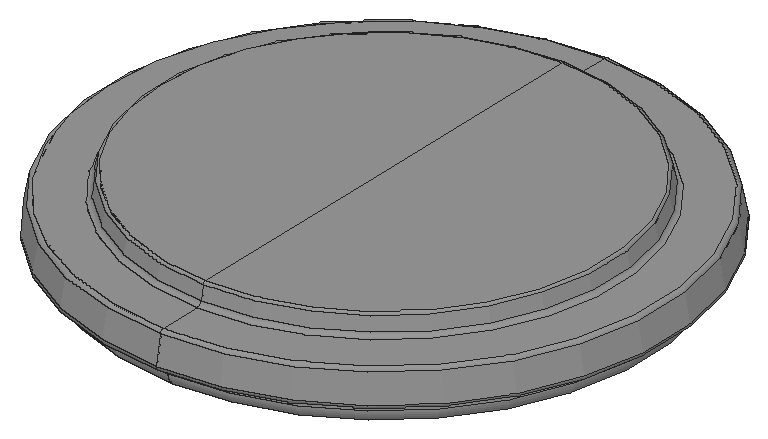
Revit family "FMK12_63_UN_Surface-mounted_ETK", category Lighting Fixtures, Revit 2017 (continued)
Definition of nested family "FMK.1 - Lightsource"
  Types (13, lengths in mm): name | Wattage Comments | Photometric Web File | built-in parameter 1150142 | Apparent Load
      25.7813\t106.5085\r\n88.2355\t70.5452\t54.1615\t7.8573\t0\t0\r\n604.9325\t604.7176\t603.7796\t601.7596\t599.0029\t595.4393\t591.2503\t586.1635\t580.3285\t573.8209\r\n566.5729\t558.4662\t549.5574\t539.959\t529.6359\t518.622\t506.8968\t494.5226\t481.3277\t467.6546\r\n453.3728\t438.6295\t423.5379\t407.4691\t390.6461\t373.1217\t355.4348\t337.4507\t319.172\t300.5231\r\n281.7847\t262.9024\t244.0497\t224.0008\t203.7622\t183.799\t164.2428\t144.9022\t125.7293\t107.5918\r\n88.8514\t71.1298\t54.4435\t38.5694\t0\t0\r\n604.9325\t604.7494\t603.8591\t602.1349\t599.1772\t595.6368\t591.4608\t586.3802\t580.5395\t573.9061\r\n566.6576\t558.7326\t549.8582\t540.3013\t530.0523\t519.0994\t507.4605\t495.1326\t482.1254\t468.5441\r\n454.2405\t439.307\t423.9316\t408.0499\t391.4158\t374.6547\t357.1749\t339.1212\t320.3753\t301.4552\r\n282.4058\t263.17\t243.6782\t224.3313\t205.2234\t185.5059\t165.095\t145.3835\t126.4193\t107.5003\r\n89.5871\t71.6948\t54.518\t36.9883\t0\t0\r\n604.9325\t604.7798\t603.933\t602.2606\t599.5824\t595.8575\t591.7058\t586.6435\t580.8116\t574.1898\r\n566.9202\t558.8521\t549.9829\t540.4445\t530.3688\t519.4493\t507.8531\t495.5801\t482.6631\t469.1248\r\n454.9178\t440.2534\t424.928\t409.1933\t392.26\t375.0811\t357.6797\t339.8697\t321.5662\t303.0997\r\n284.0796\t264.4382\t244.6256\t224.8094\t205.0348\t185.2383\t165.9856\t147.0073\t127.0858\t107.9981\r\n89.7259\t72.2025\t55.0032\t33.0733\t2.9733\t0\r\n604.9325\t604.8087\t604.0009\t602.3737\t599.7493\t596.298\t592.2\t587.1644\t581.1454\t574.5515\r\n567.2809\t559.2119\t550.3447\t540.7829\t530.5511\t519.5979\t508.0056\t495.7365\t482.8831\t469.4721\r\n455.32\t440.7056\t425.4497\t409.8313\t392.9182\t375.989\t358.654\t340.8931\t322.57\t303.9496\r\n284.9419\t265.4893\t245.963\t226.2227\t206.5172\t186.1591\t166.2968\t146.6662\t127.4699\t108.8866\r\n90.4763\t72.3236\t55.4787\t29.4388\t16.9564\t0\r\n604.9325\t604.8361\t604.0626\t602.4735\t599.8962\t596.4937\t592.4457\t587.4678\t581.7164\t575.1773\r\n567.9349\t559.8858\t551.0519\t541.472\t531.0513\t520.0748\t508.4733\t496.1692\t483.3366\t469.7223\r\n455.551\t440.858\t425.587\t409.8699\t393.2087\t376.3423\t359.0181\t341.2638\t323.0544\t304.5645\r\n285.6675\t266.4002\t246.9483\t227.2771\t207.4642\t187.5942\t167.7977\t148.0403\t128.3798\t109.277\r\n90.5235\t72.6235\t56.3199\t28.8061\t14.3084\t0\r\n604.9325\t604.8617\t604.1182\t602.5602\t600.0226\t596.6587\t592.6458\t587.7121\t581.9995\t575.508\r\n568.2964\t560.2824\t551.501\t541.9643\t531.743\t520.7781\t509.1995\t496.8891\t484.1302\t470.4742\r\n456.3108\t441.5572\t426.2844\t410.4684\t394.0507\t377.1843\t359.8341\t342\t323.7882\t305.1042\r\n286.137\t266.7921\t247.3055\t227.5948\t207.825\t187.6657\t167.8486\t148.2204\t128.7693\t109.6958\r\n91.0828\t73.0008\t55.7332\t28.5158\t9.2535\t5.8306\r\n604.9325\t604.8858\t604.1675\t602.6336\t600.1283\t596.7932\t592.7994\t587.8971\t582.2037\t575.7372\r\n568.5319\t560.5294\t551.7717\t542.2778\t531.8858\t520.932\t509.3938\t497.098\t484.3744\t470.7813\r\n456.6695\t441.9743\t426.7397\t410.9949\t394.281\t377.6255\t360.349\t342.6082\t324.4077\t305.9467\r\n287.057\t267.8093\t248.3563\t228.6492\t208.8539\t188.9518\t169.1246\t149.344\t129.7127\t110.5106\r\n91.7654\t73.7774\t57.5617\t24.3495\t13.0724\t0\r\n604.9325\t604.9084\t604.2102\t602.6933\t600.2132\t596.897\t592.9066\t588.0227\t582.1208\t575.6725\r\n568.4733\t560.4987\t551.7845\t542.3932\t532.2197\t521.3168\t509.8504\t497.6049\t484.9598\t471.5946\r\n457.5683\t442.9406\t427.7495\t412.0765\t395.0762\t378.5872\t361.3233\t343.5924\t325.3398\t306.7643\r\n287.7814\t268.4081\t248.9004\t229.0701\t209.3799\t189.1876\t169.2491\t149.5934\t130.3692\t111.7187\r\n93.1623\t74.832\t56.0552\t30.1574\t17.757\t0\r\n604.9325\t604.9291\t604.2466\t602.7396\t600.277\t596.7549\t592.7641\t587.9288\t582.2718\t575.869\r\n568.7055\t560.782\t552.1376\t542.8605\t532.8647\t522.03\t510.6246\t498.4005\t485.7799\t472.303\r\n458.2807\t443.627\t428.3966\t412.6847\t395.7487\t379.043\t361.726\t344.0152\t325.8533\t307.4149\r\n288.4358\t268.8734\t249.1853\t229.375\t209.698\t190.0696\t170.6999\t151.6406\t131.5559\t112.2365\r\n93.7694\t75.9803\t57.7978\t36.3903\t3.3572\t0\r\n604.9325\t604.9482\t604.2766\t602.7724\t600.1026\t596.8317\t592.8688\t588.0895\t582.4821\t576.1402\r\n569.0311\t561.2923\t552.7151\t543.5197\t533.3842\t522.5693\t511.1655\t498.9339\t486.2842\t472.7688\r\n458.7265\t443.8734\t428.6057\t412.8898\t396.4891\t379.9651\t362.5484\t344.6873\t326.0862\t307.3448\r\n288.413\t269.2614\t249.8982\t230.6041\t211.5997\t191.9184\t171.4046\t151.5305\t132.3891\t113.1712\r\n95.0695\t77.0752\t59.9131\t42.0633\t0\t0\r\n604.9325\t604.9657\t604.2998\t602.5548\t600.1553\t596.9302\t593.0054\t588.2927\t582.7506\t576.6036\r\n569.5235\t561.6924\t553.1393\t543.9534\t533.8105\t523.0168\t511.5622\t499.366\t486.4926\t472.912\r\n459.0179\t444.3755\t429.4063\t413.6832\t397.1754\t379.8273\t362.3066\t344.5457\t326.4347\t308.0495\r\n289.4402\t270.7576\t251.9841\t231.9745\t211.6746\t191.7028\t172.0756\t152.6103\t133.1779\t114.8662\r\n95.9878\t78.1761\t61.1735\t45.795\t0\t0\r\n604.9325\t604.9814\t604.3167\t602.5756\t600.2201\t597.0494\t593.1734\t588.5362\t583.1793\t576.9316\r\n569.8621\t562.0891\t553.565\t544.2694\t534.1347\t523.3515\t511.7317\t499.6292\t486.9379\t473.6955\r\n459.8412\t444.9777\t429.3063\t413.3894\t396.8997\t380.0432\t362.8271\t345.3781\t327.6307\t309.5314\r\n291.5164\t271.8122\t251.8804\t231.996\t212.4087\t192.9384\t172.9802\t153.4783\t134.9195\t115.44\r\n97.1203\t79.0755\t62.4054\t9.3896\t0\t0\r\n604.9325\t604.9956\t604.3272\t602.6031\t600.2962\t597.1889\t593.3721\t588.9141\t583.4623\t577.2196\r\n570.1627\t562.4154\t553.8858\t544.5341\t534.2984\t523.5728\t512.1948\t500.5208\t487.6946\t473.958\r\n459.5435\t444.6901\t429.4465\t413.7537\t397.3341\t380.8483\t363.9506\t346.8691\t329.6427\t310.5199\r\n291.273\t271.8245\t252.461\t233.1913\t213.8417\t193.4848\t174.0151\t155.267\t135.3556\t116.4813\r\n97.8216\t80.1325\t63.6547\t0\t0\t0\r\n604.9325\t605.0081\t604.1035\t602.6372\t600.3825\t597.3475\t593.707\t589.127\t583.7094\t577.482\r\n570.4302\t562.6996\t554.1438\t544.6663\t534.7057\t524.3891\t513.0044\t500.7896\t487.3524\t473.6975\r\n459.518\t445.0085\t429.9797\t414.6206\t398.4095\t382.2407\t365.9518\t348.2711\t329.3178\t310.5274\r\n291.5796\t272.7277\t253.9408\t234.0297\t214.0457\t194.5929\t175.6982\t155.4975\t136.2802\t117.3421\r\n98.7646\t81.3279\t72.1805\t0\t0\t0\r\n604.9325\t605.019\t604.1119\t602.6779\t600.4786\t597.6426\t593.9105\t589.3438\t583.9467\t577.7191\r\n570.6656\t562.8212\t554.3085\t545.0755\t535.5347\t524.721\t513.0291\t500.3333\t487.3226\t473.9116\r\n459.8662\t445.6658\t430.8177\t415.8479\t400.1212\t383.9482\t365.8834\t347.7302\t329.562\t311.2079\r\n292.7026\t274.2517\t254.2433\t234.5137\t215.2238\t196.2482\t175.8172\t156.3581\t137.1786\t118.0156\r\n99.7925\t82.5063\t18.8432\t0\t0\t0\r\n604.9325\t605.0283\t604.1218\t602.7247\t600.583\t597.8102\t594.1046\t589.5447\t584.1685\t577.9335\r\n570.7476\t563.1054\t554.7514\t545.9018\t535.7763\t524.3683\t512.6077\t500.3662\t487.5755\t474.3762\r\n460.5654\t446.5906\t432.1211\t417.8057\t401.602\t383.3793\t365.8497\t348.1423\t330.3051\t312.4086\r\n294.1318\t274.1954\t254.8095\t235.669\t216.8273\t196.3608\t176.5926\t157.4869\t137.7906\t118.858\r\n100.818\t83.5993\t0\t0\t0\t0\r\n604.9325\t605.0361\t604.1334\t602.7774\t600.7864\t597.9704\t594.2876\t589.7308\t584.3744\t578.1281\r\n571.0018\t563.4848\t555.5833\t546.1282\t535.3695\t524.2805\t512.6836\t500.6473\t488.0744\t475.1119\r\n461.6374\t447.8475\t434.0262\t417.6448\t400.9644\t383.6448\t366.3432\t349.0233\t331.7904\t313.5353\r\n294.0128\t274.8492\t255.877\t237.208\t216.8648\t197.0235\t177.7961\t157.8749\t138.4358\t119.7504\r\n101.8852\t92.4739\t0\t0\t0\t0\r\n604.9325\t605.0425\t604.1466\t602.848\t600.8972\t598.1214\t594.4589\t589.9031\t584.5647\t578.2256\r\n571.3187\t564.2473\t555.8092\t545.7075\t535.2392\t524.3842\t512.9437\t501.1112\t488.7997\t476.1064\r\n463.0374\t449.343\t433.5399\t417.2783\t400.9627\t384.2803\t367.2588\t350.5131\t332.268\t313.3683\r\n294.6133\t275.9463\t257.4891\t237.3023\t217.356\t197.9306\t178.3323\t158.4724\t139.2137\t120.6822\r\n102.8483\t57.3578\t0\t0\t0\t0\r\n604.9325\t605.0474\t604.1608\t602.9137\t601.0014\t598.264\t594.6171\t590.063\t584.6305\t578.4959\r\n572.0294\t564.4703\t555.3483\t545.5818\t535.2777\t524.6268\t513.4049\t501.7638\t489.7543\t477.3344\r\n464.4028\t448.8923\t433.3396\t417.5334\t401.4281\t385.097\t368.9335\t350.8398\t332.2947\t313.863\r\n295.5771\t277.519\t257.6565\t237.7254\t218.1962\t199.0534\t178.7354\t159.0786\t140.0851\t121.6497\r\n103.8155\t0\t0\t0\t0\t0\r\n604.9325\t605.051\t604.176\t602.9834\t601.0992\t598.3979\t594.7648\t590.2104\t584.8219\t578.8225\r\n572.3363\t564.4139\t555.1729\t545.6088\t535.5075\t525.0194\t514.047\t502.6184\t490.9152\t478.6035\r\n463.8731\t448.8367\t433.4799\t418.0245\t402.1397\t386.5322\t369.0536\t350.9647\t332.8257\t314.7378\r\n297.0853\t277.7551\t257.9227\t238.481\t219.5016\t199.2458\t179.2974\t159.8236\t140.9368\t122.5844\r\n114.5266\t0\t0\t0\t0\t0\r\n604.9325\t604.8195\t604.1772\t603.163\t601.191\t598.5255\t594.895\t590.2198\t585.0512\t579.5204\r\n572.4719\t563.9005\t555.1175\t545.7701\t535.8495\t525.5278\t514.821\t503.6348\t492.264\t478.147\r\n463.7272\t448.9998\t433.9643\t418.7961\t403.6464\t387.1038\t369.0804\t351.3617\t333.5972\t315.9873\r\n297.742\t277.8849\t258.5245\t239.3997\t219.9055\t199.7153\t179.9419\t160.6418\t141.8696\t123.5432\r\n87.3022\t0\t0\t0\t0\t0\r\n604.9325\t604.8214\t604.1941\t603.235\t601.2774\t598.653\t595.016\t590.3749\t585.3173\t579.7601\r\n572.4333\t563.7933\t555.2071\t545.9861\t536.2842\t526.1054\t515.7411\t505.1648\t491.8617\t477.9997\r\n463.7712\t449.4027\t434.6692\t419.8185\t404.4636\t386.7505\t369.4002\t352.0054\t334.6783\t317.1876\r\n297.6146\t278.2823\t259.2507\t240.5064\t220.1321\t200.1444\t180.6201\t161.5081\t142.8095\t124.5313\r\n13.8642\t0\t0\t0\t0\t0\r\n604.9325\t604.8236\t604.2119\t603.3019\t601.3588\t598.7555\t595.1265\t590.5663\t585.9635\t579.8593\r\n571.9911\t563.7863\t555.3307\t546.2508\t536.8328\t526.9331\t517.2336\t505.4984\t491.6135\t478.0339\r\n464.0981\t449.9708\t435.6618\t421.0393\t404.0675\t387.0188\t369.9272\t352.9161\t336.0984\t317.049\r\n297.8658\t278.9167\t260.1671\t240.5732\t220.4028\t200.641\t181.2542\t162.264\t143.6971\t138.9319\r\n0\t0\t0\t0\t0\t0\r\n604.9325\t604.8263\t604.2307\t603.3631\t601.4313\t598.8452\t595.1065\t590.8151\t586.1914\t579.822\r\n571.9271\t563.8539\t555.4675\t546.661\t537.4583\t527.8618\t517.6741\t504.7744\t491.6731\t478.2434\r\n464.6017\t450.7338\t436.9828\t420.7421\t404.1424\t387.4658\t370.696\t354.016\t336.1698\t317.1983\r\n298.3815\t279.7143\t261.0886\t240.6791\t220.7372\t201.1309\t181.8626\t163.0016\t144.4475\t122.5815\r\n0\t0\t0\t0\t0\t0\r\n604.9325\t604.8296\t604.2504\t603.4181\t601.5048\t598.9231\t595.2406\t591.0574\t586.306\t579.3415\r\n571.9105\t564.0096\t555.7297\t547.2433\t538.1409\t529.1692\t517.1897\t504.6634\t491.8013\t478.5756\r\n465.2881\t452.0592\t437.3133\t420.7778\t404.3743\t388.0399\t371.6653\t355.0642\t336.1889\t317.5424\r\n298.9986\t280.8707\t261.0621\t240.914\t221.1175\t201.6401\t182.4991\t163.6658\t145.1424\t84.3257\r\n0\t0\t0\t0\t0\t0\r\n604.9325\t604.8332\t604.2709\t603.4669\t601.5763\t598.9896\t595.3813\t591.6653\t586.3048\t579.2256\r\n571.9268\t564.2159\t556.1016\t547.8041\t538.8916\t529.4947\t517.0631\t504.6077\t491.9608\t479.1972\r\n466.0487\t452.7796\t436.8262\t420.8991\t404.8605\t388.7535\t372.9693\t354.883\t336.3385\t317.986\r\n299.7762\t281.4547\t261.1226\t241.2359\t221.6059\t202.209\t183.1578\t164.3804\t145.8553\t11.7624\r\n0\t0\t0\t0\t0\t0\r\n604.9325\t604.8742\t604.2921\t603.4941\t601.6459\t599.0296\t595.534\t591.8113\t586.2424\t579.1327\r\n571.9926\t564.4765\t556.5369\t548.3248\t540.2008\t528.8722\t517.0076\t504.7376\t492.349\t479.714\r\n467.3129\t452.606\t436.9139\t421.1267\t405.4395\t389.6556\t373.4059\t354.9124\t336.7214\t318.5644\r\n300.8615\t281.2211\t261.3039\t241.5416\t222.049\t202.8204\t183.8329\t165.0665\t157.8062\t0\r\n0\t0\t0\t0\t0\t0\r\n604.9325\t604.8778\t604.3138\t603.5305\t601.7141\t599.0846\t595.6937\t591.9235\t585.8046\t579.085\r\n572.1029\t564.7578\t557.0364\t548.9977\t540.5541\t528.6643\t516.9564\t505.0054\t492.8264\t480.4248\r\n467.8389\t452.4841\t437.2894\t421.6733\t406.0593\t390.8949\t373.0813\t355.0514\t337.1284\t319.303\r\n301.3591\t281.2466\t261.4669\t241.8581\t222.5305\t203.3664\t184.4454\t165.7848\t137.4772\t0\r\n0\t0\t0\t0\t0\t0\r\n604.9325\t604.8809\t604.3362\t603.5621\t601.7811\t599.0352\t595.8464\t591.9852\t585.7061\t579.0857\r\n572.2264\t565.0563\t557.5744\t550.165\t540.3995\t528.673\t517.0206\t505.3604\t493.3723\t481.6559\r\n467.3623\t452.552\t437.5387\t422.5383\t407.0626\t391.1192\t373.1518\t355.3501\t337.6537\t320.3056\r\n301.165\t281.3401\t261.6688\t242.21\t222.9713\t203.9042\t185.0535\t166.4117\t103.1682\t0\r\n0\t0\t0\t0\t0\t0\r\n604.9325\t604.8836\t604.359\t603.5893\t601.8694\t599.1105\t596.0133\t592.0398\t585.6138\t579.1319\r\n572.3514\t565.3855\t558.1204\t550.6032\t539.7275\t528.6462\t517.2427\t505.6569\t494.0788\t482.057\r\n467.3569\t452.5819\t437.9086\t423.1364\t408.6546\t391.0243\t373.2044\t355.7272\t338.2397\t320.9029\r\n301.111\t281.4142\t261.9364\t242.5968\t223.431\t204.436\t185.6287\t167.0034\t27.572\t0\r\n0\t0\t0\t0\t0\t0\r\n604.9325\t604.8855\t604.4761\t603.6117\t601.9217\t599.2035\t596.533\t591.9864\t585.5043\t579.2184\r\n572.5425\t565.734\t558.6618\t550.7546\t539.5884\t528.6359\t517.5185\t506.1812\t495.04\t482.1849\r\n467.305\t452.8559\t438.287\t423.7604\t408.9102\t391.2459\t373.6942\t356.1472\t338.8603\t321.0491\r\n301.0713\t281.5636\t262.175\t242.9288\t223.8638\t204.9514\t186.2113\t182.0587\t1.1881\t0\r\n0\t0\t0\t0\t0\t0\r\n604.9325\t604.8867\t604.5028\t603.6293\t601.9638\t599.2994\t596.645\t591.5011\t585.4756\t579.3018\r\n572.8016\t566.036\t559.6409\t550.1491\t539.5084\t528.714\t517.8046\t506.6744\t495.6339\t481.5654\r\n467.4352\t453.0708\t438.8115\t424.8445\t408.3959\t391.1553\t373.9573\t356.7332\t339.7814\t320.6058\r\n301.0831\t281.6948\t262.4118\t243.275\t224.2954\t205.4324\t186.6954\t167.9441\t0\t0\r\n0\t0\t0\t0\t0\t0\r\n604.9325\t604.887\t604.5236\t603.6425\t601.9959\t599.3986\t596.7257\t591.3548\t585.5182\t579.363\r\n573.0573\t566.424\t559.9176\t549.9196\t539.5158\t528.8377\t518.1153\t507.2742\t495.7579\t481.5916\r\n467.4632\t453.474\t439.2698\t425.2443\t408.263\t391.2061\t374.1569\t357.1614\t340.0716\t320.4624\r\n301.0867\t281.8107\t262.6444\t243.5924\t224.6723\t205.8572\t187.1718\t144.9784\t0\t0\r\n0\t0\t0\t0\t0\t0\r\n604.9325\t604.8865\t604.5428\t603.6338\t602.0103\t599.4978\t596.7763\t591.2522\t585.5281\t579.4668\r\n573.3066\t566.9192\t559.9588\t549.7513\t539.4872\t529.0692\t518.4253\t508.1923\t495.3851\t481.5092\r\n467.7242\t453.7447\t439.9175\t425.2779\t408.1339\t391.3024\t374.4758\t357.6287\t340.0586\t320.3781\r\n301.1083\t281.913\t262.8388\t243.8776\t225.0242\t206.2552\t187.5981\t115.0009\t0\t0\r\n0\t0\t0\t0\t0\t0\r\n604.9325\t604.885\t604.5606\t603.645\t602.0264\t599.5935\t596.8163\t591.1682\t585.5125\t579.6428\r\n573.535\t567.325\t560.0188\t549.5766\t539.5151\t529.2436\t518.8689\t508.4588\t495.2237\t481.6326\r\n467.8736\t454.23\t440.7564\t424.7799\t408.1443\t391.3969\t374.7627\t358.4102\t339.5867\t320.3059\r\n301.1296\t282.0313\t263.0322\t244.1182\t225.3098\t206.5909\t208.5256\t41.0682\t0\t0\r\n0\t0\t0\t0\t0\t0\r\n604.9325\t604.8822\t604.5765\t603.6541\t602.0366\t599.6814\t596.7991\t591.1051\t585.5226\t579.7912\r\n573.7965\t568.1624\t559.4207\t549.5037\t539.5662\t529.4615\t519.2377\t508.6864\t495.0436\t481.679\r\n468.2064\t454.598\t441.0964\t424.6947\t408.1124\t391.6374\t375.1268\t358.6007\t339.3875\t320.2485\r\n301.1794\t282.1608\t263.2234\t244.3607\t225.5868\t206.9026\t205.2836\t16.995\t0\t0\r\n0\t0\t0\t0\t0\t0\r\n604.9325\t604.8785\t604.5908\t603.6633\t601.9395\t599.7647\t596.7418\t591.06\t585.5485\t579.8973\r\n574.0964\t568.3927\t559.2244\t549.5165\t539.6473\t529.7217\t519.6586\t508.6422\t495.0411\t481.7111\r\n468.4364\t455.1131\t441.2729\t424.5622\t408.1888\t391.8366\t375.4632\t358.6633\t339.2702\t320.1939\r\n301.1714\t282.2413\t263.3757\t244.584\t225.8505\t207.1891\t196.3747\t0\t0\t0\r\n0\t0\t0\t0\t0\t0\r\n604.9325\t604.8733\t604.6033\t603.6729\t601.9265\t600.2331\t596.6322\t591.0364\t585.5873\t580.0245\r\n574.3594\t568.5711\t559.0794\t549.4846\t539.7647\t529.9902\t520.5131\t508.1301\t494.9934\t481.8595\r\n468.6626\t455.4659\t441.221\t424.5762\t408.315\t392.0382\t376.1636\t358.1518\t339.119\t320.1416\r\n301.21\t282.3326\t263.5119\t244.7525\t226.0488\t207.4163\t183.0863\t0\t0\t0\r\n0\t0\t0\t0\t0\t0\r\n604.9325\t604.8668\t604.6139\t603.695\t601.9318\t600.3013\t596.5338\t590.9823\t585.6512\t580.1659\r\n574.5935\t568.6407\t558.9834\t549.4782\t539.8949\t530.2134\t520.7044\t508.0583\t495.0091\t481.9755\r\n468.936\t456.1777\t440.6073\t424.4889\t408.3795\t392.2535\t376.4444\t357.9475\t338.9762\t320.0694\r\n301.208\t282.3868\t263.6237\t244.9007\t226.2289\t207.6039\t166.6342\t0\t0\t0\r\n0\t0\t0\t0\t0\t0\r\n604.9325\t604.8591\t604.6493\t603.703\t601.9417\t600.3485\t596.0679\t590.8989\t585.6858\t580.3035\r\n574.8415\t568.6032\t558.9126\t549.5162\t540.0334\t530.4923\t520.8077\t507.8674\t495.0311\t482.1225\r\n469.1845\t456.3674\t440.4697\t424.4357\t408.4313\t392.4354\t376.5266\t357.6959\t338.8194\t319.9882\r\n301.1811\t282.4086\t263.6716\t244.9804\t226.3421\t207.7361\t148.0797\t0\t0\t0\r\n0\t0\t0\t0\t0\t0\r\n604.9325\t604.8499\t604.6541\t603.708\t601.9557\t600.3666\t595.9812\t590.8541\t585.6659\t580.4378\r\n575.0686\t568.5408\t558.8013\t549.5237\t540.1919\t530.7662\t520.8701\t507.7843\t494.9614\t482.1637\r\n469.3976\t456.3809\t440.3147\t424.4104\t408.4891\t392.588\t376.4753\t357.4762\t338.6657\t319.8723\r\n301.1199\t282.3935\t263.7053\t245.055\t226.4221\t207.8132\t128.3104\t0\t0\t0\r\n0\t0\t0\t0\t0\t0\r\n604.9325\t604.8391\t604.6536\t603.7099\t601.9915\t600.3844\t595.8953\t590.8399\t585.6779\t580.4851\r\n575.7618\t567.9273\t558.7536\t549.4945\t540.2391\t530.9988\t520.839\t507.746\t495.0258\t482.2626\r\n469.5282\t456.2376\t440.1362\t424.3591\t408.547\t392.7352\t376.3568\t357.2544\t338.4904\t319.7454\r\n301.0327\t282.3506\t263.6906\t245.0533\t226.4334\t230.4994\t61.4906\t0\t0\t0\r\n0\t0\t0\t0\t0\t0\r\n604.9325\t604.827\t604.6476\t603.7081\t602.0045\t600.3945\t595.8023\t590.8088\t585.7376\t580.
